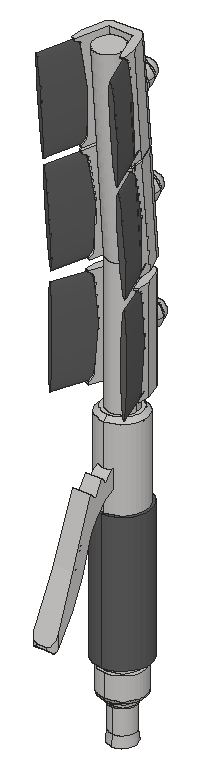
Revit family "PRD_FrankeWS_SnkMnlWtrSpplSts_SIRIUSHandBrush_ZSIRW003", category Specialty Equipment, Revit 2018
Family settings
  Round Connector Dimension = Use Diameter
  Part Type = Normal
  OmniClass Number = 23.45.55.11
  OmniClass Title = Sanitary Components
  Work Plane-Based = Yes
  Always vertical = No
  Cut with Voids When Loaded = No
  Shared = Yes
  Room Calculation Point = No
Parameters (values of type "ZSIRW003")
  WarrantyStartDate [instance] = "1900-12-31T23:59:59"
  WarrantyGuarantorParts = "n/a"
  WarrantyGuarantorLabor = "n/a"
  WarrantyDurationUnit = "year"
  WarrantyDurationParts = "n/a"
  WarrantyDurationLabor = "n/a"
  WarrantyDescription = "n/a"
  Version = "1"
  Uniclass2015Version = "Products v1.23"
  Uniclass2015Title = "Sink manual water supply sets"
  Uniclass2015Code = "Pr_40_20_87_82"
  URL = "www.kwc.com"
  TagNumber [instance] = "n/a"
  SustainabilityPerformance = "n/a"
  Status = "New"
  Size = "n/a"
  Shape = "n/a"
  SerialNumber [instance] = "n/a"
  Revision = "n/a"
  ReplacementCost = "n/a"
  Reference = "n/a"
  QuantityUom = "Piece"
  Quantity = "1"
  ProductInformation = "https://pim.kwc.com/product/2000101473/attachment/datasheet?locale=en"
  NominalWidth = 0 mm
  NominalLength = 0 mm
  NominalHeight = 0 mm
  NominalDepth = 0 mm
  NetWeight = 0.88 kg
  Name = "SIRIUS Hand brush ZSIRW003"
  NBSTypeID = "n/a"
  NBSReference = "45-35-70/345"
  NBSOfficeMasterTag = "n/a"
  NBSNote = "n/a"
  NBSDescription = "Water supply fittings for sinks"
  NBSCertification = "n/a"
  ModelReference = "ZSIRW003"
  ModelNumber = "2000101473"
  Model = ModelReference  # "ZSIRW003"
  Material = "n/a"
  ManufacturerURL = "www.kwc.com"
  ManufacturerName = "KWC Group AG"  # constant formula
  Manufacturer = ManufacturerName  # "KWC Group AG"
  IntegralAccessories = "n/a"
  InstallationDate [instance] = "1900-12-31T23:59:59"
  IfcExportType = "USERDEFINED"
  IfcExportAs = "IfcSanitaryTerminalType"
  GrossWeight = 1.00 kg
  Grade = "n/a"
  Finish = "n/a"
  Features = "length 1400 mm"
  ExpectedLife = "n/a"
  DurationUnit = "year"
  Description = "Handbrush with lever valve, spray tube with 3 separately mounted brush elements, with connection hose DN 8, G 1/2, length 1400 mm and twist protection."
  Default Elevation = 1219.2 mm
  CreatedOn = "05/2022"  # constant formula
  Constituents = "n/a"
  Color = "n/a"
  CodePerformance = "n/a"
  Category = "Pr_40_20_87_82, Sink manual water supply sets"
  BarCode [instance] = "n/a"
  BIMObjectName = "PRD_AR_SinkManualWaterSupplySets_SIRIUSHandBrush_ZSIRW003"
  Author = "Archispace"  # constant formula
  AssetType = "Fixed"
  AssetIdentifier [instance] = "n/a"
  AccessibilityPerformance = "n/a"
Reference planes
  plane 1 "Center (Front/Back)": y = 0
  plane 2: z = 0
  plane 3 "Center (Left/Right)": x = 0
Forms (mm)
  Revolve 1, solid, material "PRD_AR_StainlessSteel_Brushed", detail levels fine
    sketch origin (0, 0, 0) x (0, 1, 0) y (0, 0, 1)
      loop
        line (0, 0) -> (7.754, 0) -> (7.196, 6.374) -> (7.196, 21.001)
        arc (7.196, 21.001) -> (7.869, 21.215) -> (8.234, 21.82) r 1
        line (8.234, 21.82) -> (8.549, 23.541)
        arc (8.549, 23.541) -> (9.536, 25.268) -> (11.386, 25.998) r 3
        arc (11.386, 25.998) -> (12.41, 26.456) -> (12.83, 27.497) r 1.5
        line (12.83, 27.497) -> (12.83, 41) -> (10.477, 41) -> (10.477, 45) -> (0, 45) -> (0, 0)
      loop
        line (0, 176.5) -> (0, 126) -> (13.495, 126) -> (13.495, 174.005) -> (11, 176.5) -> (0, 176.5)
      axis (0, 176.5) -> (0, 0)
    angle from 0 to 360
  Sweep 2, solid, material "PRD_AR_StainlessSteel_Brushed", detail levels fine
    path origin (0, 0, 0) x (0, 1, 0) y (0, 0, 1)
      loop
        line (0, 176.5) -> (0, 256.5) -> (-10.023, 371.062)
    profile origin (0, 0, 216.5) x (0, -1, 0) y (1, 0, 0)
      loop
        circle (0, 0) r 8.5
  Extrusion 3, solid, material "PRD_AR_StainlessSteel_Brushed", detail levels fine
    sketch origin (0, 0, 0) x (0, 1, 0) y (0, 0, 1)
      loop
        line (-7.563, 140.21) -> (-7.563, 152.359)
        arc (-7.563, 152.359) -> (-13.551, 149.451) -> (-18, 144.5) r 17.322
        line (-18, 144.5) -> (-21, 148.5) -> (-25.998, 140.498) -> (-30, 144.5)
        arc (-30, 144.5) -> (-43.087, 108.738) -> (-59.948, 74.593) r 353.199
        line (-59.948, 74.593) -> (-57.784, 73.029)
        arc (-57.784, 73.029) -> (-41.688, 94.886) -> (-31.247, 119.943) r 113.412
        arc (-31.247, 119.943) -> (-22.474, 133.663) -> (-7.563, 140.21) r 28.094
    from -10.431 to 8.809
  Extrusion 4, void
    sketch origin (0, 0, 0) x (1, 0, 0) y (0, 1, 0)
      loop
        line (-6.766, -55.405) -> (-3.697, 0) -> (-12.83, 0) -> (-12.83, -63.199) -> (12.17, -63.199) -> (12.17, 0) -> (3.697, 0) -> (6.766, -55.405)
        arc (6.766, -55.405) -> (5.76, -58.153) -> (3.072, -59.31) r 3.7
        line (3.072, -59.31) -> (-3.072, -59.31)
        arc (-3.072, -59.31) -> (-5.76, -58.153) -> (-6.766, -55.405) r 3.7
    from 68.602 to 161.181
  Revolve 5, void
    sketch origin (0, 0, 0) x (0, 1, 0) y (0, 0, 1)
      loop
        line (0, 131) -> (13.495, 131) -> (13.495, 156) -> (0, 156) -> (0, 131)
      axis (0, 156) -> (0, 131)
    angle from 0 to 360
  Sweep 6, solid, material "PRD_AR_StainlessSteel_Brushed", detail levels fine
    path origin (0, 0, 0) x (0, 1, 0) y (0, 0, 1)
      loop
        line (14, 216.5) -> (20.5, 216.5)
    profile origin (0, 17.25, 216.5) x (0, 0, 1) y (1, 0, 0)
      loop
        circle (0, 0) r 7.5
  Sweep 7, solid, material "PRD_AR_StainlessSteel_Brushed", detail levels fine
    path origin (0, -2.911, 66.663) x (0, 1, 0) y (0, 0, 1)
      loop
        line (14.592, 216.947) -> (21.067, 217.514)
    profile origin (0, 14.919, 283.894) x (0, -0.087156, 0.996195) y (1, 0, 0)
      loop
        circle (0, 0) r 7.5
  Sweep 8, solid, material "PRD_AR_StainlessSteel_Brushed", detail levels fine
    path origin (0, -7.318, 128.514) x (0, 1, 0) y (0, 0, 1)
      loop
        line (14.592, 216.947) -> (21.067, 217.514)
    profile origin (0, 10.512, 345.745) x (0, -0.087156, 0.996195) y (1, 0, 0)
      loop
        circle (0, 0) r 7.5
  Revolve 9, solid, material "PRD_AR_StainlessSteel_Brushed", detail levels fine
    sketch origin (0, 0, 0) x (0, 1, 0) y (0, 0, 1)
      loop
        line (20.5, 216.5) -> (20.5, 210.25) -> (22.75, 210.25)
        arc (22.75, 210.25) -> (27.169, 212.081) -> (29, 216.5) r 6.25
        line (29, 216.5) -> (20.5, 216.5)
      axis (20.5, 216.5) -> (29, 216.5)
    angle from 0 to 360
  Revolve 10, solid, material "PRD_AR_StainlessSteel_Brushed", detail levels fine
    sketch origin (0, -2.997, 67.648) x (0, 1, 0) y (0, 0, 1)
      loop
        line (21.153, 216.54) -> (21.697, 210.313) -> (23.939, 210.509)
        arc (23.939, 210.509) -> (28.182, 212.718) -> (29.62, 217.28) r 6.25
        line (29.62, 217.28) -> (21.153, 216.54)
      axis (21.153, 216.54) -> (29.62, 217.28)
    angle from 0 to 360
  Revolve 11, solid, material "PRD_AR_StainlessSteel_Brushed", detail levels fine
    sketch origin (0, -7.404, 129.499) x (0, 1, 0) y (0, 0, 1)
      loop
        line (21.153, 216.54) -> (21.697, 210.313) -> (23.939, 210.509)
        arc (23.939, 210.509) -> (28.182, 212.718) -> (29.62, 217.28) r 6.25
        line (29.62, 217.28) -> (21.153, 216.54)
      axis (21.153, 216.54) -> (29.62, 217.28)
    angle from 0 to 360
  Extrusion 12, solid, material "PRD_AR_StainlessSteel_Brushed", detail levels fine
    sketch origin (50, -15.582, 0) x (1, 0, 0) y (0, 1, 0)
      loop
        line (-63.241, 7.433) -> (-56.999, 24.582) -> (-43.001, 24.582) -> (-36.759, 7.433) -> (-34.41, 8.288) -> (-34.41, 15.598) -> (-38.182, 25.963)
        arc (-38.182, 25.963) -> (-40.196, 28.587) -> (-43.351, 29.582) r 5.5
        line (-43.351, 29.582) -> (-56.649, 29.582)
        arc (-56.649, 29.582) -> (-59.804, 28.587) -> (-61.818, 25.963) r 5.5
        line (-61.818, 25.963) -> (-65.59, 15.598) -> (-65.59, 8.288) -> (-63.241, 7.433)
    from 186.5 to 246.5
  Extrusion 13, void
    sketch origin (0, 0, 0) x (0, 1, 0) y (0, 0, 1)
      loop
        arc (-5.3, 242.455) -> (-7.366, 245.393) -> (-10.954, 245.588) r 4.113
        line (-10.954, 245.588) -> (-10.954, 186.932)
        arc (-10.954, 186.932) -> (-7.109, 188.518) -> (-5.13, 192.176) r 6.204
        arc (-5.13, 192.176) -> (-3.231, 217.322) -> (-5.3, 242.455) r 160.262
    from -21.428 to 21.859
  Extrusion 14, solid, material "PRD_AR_StainlessSteel_Brushed", detail levels fine
    sketch origin (50, 1.009, 65.774) x (1, 0, 0) y (0, 0.996195, 0.087156)
      loop
        line (-63.241, 7.433) -> (-56.999, 24.582) -> (-43.001, 24.582) -> (-36.759, 7.433) -> (-34.41, 8.288) -> (-34.41, 15.598) -> (-38.182, 25.963)
        arc (-38.182, 25.963) -> (-40.196, 28.587) -> (-43.351, 29.582) r 5.5
        line (-43.351, 29.582) -> (-56.649, 29.582)
        arc (-56.649, 29.582) -> (-59.804, 28.587) -> (-61.818, 25.963) r 5.5
        line (-61.818, 25.963) -> (-65.59, 15.598) -> (-65.59, 8.288) -> (-63.241, 7.433)
    from 186.5 to 246.5
  Extrusion 15, void
    sketch origin (0, 16.543, 66.467) x (0, 0.996195, 0.087156) y (0, -0.087156, 0.996195)
      loop
        arc (-5.3, 242.455) -> (-7.366, 245.393) -> (-10.954, 245.588) r 4.113
        line (-10.954, 245.588) -> (-10.954, 186.932)
        arc (-10.954, 186.932) -> (-7.109, 188.518) -> (-5.13, 192.176) r 6.204
        arc (-5.13, 192.176) -> (-3.231, 217.322) -> (-5.3, 242.455) r 160.262
    from -21.428 to 21.859
  Extrusion 16, solid, material "PRD_AR_StainlessSteel_Brushed", detail levels fine
    sketch origin (50, -4.294, 127.03) x (1, 0, 0) y (0, 0.996195, 0.087156)
      loop
        line (-63.241, 7.433) -> (-56.999, 24.582) -> (-43.001, 24.582) -> (-36.759, 7.433) -> (-34.41, 8.288) -> (-34.41, 15.598) -> (-38.182, 25.963)
        arc (-38.182, 25.963) -> (-40.196, 28.587) -> (-43.351, 29.582) r 5.5
        line (-43.351, 29.582) -> (-56.649, 29.582)
        arc (-56.649, 29.582) -> (-59.804, 28.587) -> (-61.818, 25.963) r 5.5
        line (-61.818, 25.963) -> (-65.59, 15.598) -> (-65.59, 8.288) -> (-63.241, 7.433)
    from 186.5 to 246.5
  Extrusion 17, void
    sketch origin (0, 11.247, 128.335) x (0, 0.996195, 0.087156) y (0, -0.087156, 0.996195)
      loop
        arc (-5.3, 242.455) -> (-7.366, 245.393) -> (-10.954, 245.588) r 4.113
        line (-10.954, 245.588) -> (-10.954, 186.932)
        arc (-10.954, 186.932) -> (-7.109, 188.518) -> (-5.13, 192.176) r 6.204
        arc (-5.13, 192.176) -> (-3.231, 217.322) -> (-5.3, 242.455) r 160.262
    from -21.428 to 21.859
  Sweep 18, solid, material "PRD_AR_StainlessSteel_Brushed", detail levels fine
    path origin (0, 20.262, -14.708) x (0, 0.996195, 0.087156) y (0, -0.087156, 0.996195)
      loop
        line (18.452, 359.942) -> (17.452, 359.942)
    profile origin (0, 6.775, 345.429) x (0, 0.087156, -0.996195) y (1, 0, 0)
      loop
        line (-9.5, 0) -> (-9.5, -25)
        arc (-9.5, -25) -> (0, -34.5) -> (9.5, -25) r 9.5
        line (9.5, -25) -> (9.5, 0)
        arc (9.5, 0) -> (0, 9.5) -> (-9.5, 0) r 9.5
      loop
        circle (0, -25) r 5
  Sweep 19, solid, material "PRD_AR_SyntheticBlack", detail levels fine
    path origin (55.168, -26.108, -0.822) x (0.34202, 0.939693, 0) y (0, 0, 1)
      loop
        line (3.712, 217.322) -> (-26.288, 217.322)
    profile origin (51.307, -36.714, 216.5) x (0, 0, -1) y (0.939693, -0.34202, 0)
      loop
        spline (29, -72.255) -> (28.012, -71.866) -> (25.115, -71.505) -> (20.506, -71.194) -> (14.5, -70.956) -> (7.506, -70.806) -> (0, -70.755) -> (-7.506, -70.806) -> (-14.5, -70.956) -> (-20.506, -71.194) -> (-25.115, -71.505) -> (-28.012, -71.866) -> (-29, -72.255)
        spline (-29, -72.255) -> (-28.012, -72.643) -> (-25.115, -73.005) -> (-20.506, -73.315) -> (-14.5, -73.554) -> (-7.506, -73.704) -> (0, -73.755) -> (7.506, -73.704) -> (14.5, -73.554) -> (20.506, -73.315) -> (25.115, -73.005) -> (28.012, -72.643) -> (29, -72.255)
  Sweep 20, solid, material "PRD_AR_SyntheticBlack", detail levels fine
    path origin (55.168, -9.082, 63.653) x (0.34202, 0.936117, 0.0819) y (0, -0.087156, 0.996195)
      loop
        line (3.712, 217.322) -> (-26.288, 217.322)
    profile origin (51.307, -38.59, 279.223) x (0, 0.087156, -0.996195) y (0.939693, -0.340719, -0.029809)
      loop
        spline (29, -72.255) -> (28.012, -71.866) -> (25.115, -71.505) -> (20.506, -71.194) -> (14.5, -70.956) -> (7.506, -70.806) -> (0, -70.755) -> (-7.506, -70.806) -> (-14.5, -70.956) -> (-20.506, -71.194) -> (-25.115, -71.505) -> (-28.012, -71.866) -> (-29, -72.255)
        spline (-29, -72.255) -> (-28.012, -72.643) -> (-25.115, -73.005) -> (-20.506, -73.315) -> (-14.5, -73.554) -> (-7.506, -73.704) -> (0, -73.755) -> (7.506, -73.704) -> (14.5, -73.554) -> (20.506, -73.315) -> (25.115, -73.005) -> (28.012, -72.643) -> (29, -72.255)
  Sweep 21, solid, material "PRD_AR_SyntheticBlack", detail levels fine
    path origin (55.168, -14.734, 125.415) x (0.34202, 0.936117, 0.0819) y (0, -0.087156, 0.996195)
      loop
        line (3.712, 217.322) -> (-26.288, 217.322)
    profile origin (51.307, -44.241, 340.986) x (0, 0.087156, -0.996195) y (0.939693, -0.340719, -0.029809)
      loop
        spline (29, -72.255) -> (28.012, -71.866) -> (25.115, -71.505) -> (20.506, -71.194) -> (14.5, -70.956) -> (7.506, -70.806) -> (0, -70.755) -> (-7.506, -70.806) -> (-14.5, -70.956) -> (-20.506, -71.194) -> (-25.115, -71.505) -> (-28.012, -71.866) -> (-29, -72.255)
        spline (-29, -72.255) -> (-28.012, -72.643) -> (-25.115, -73.005) -> (-20.506, -73.315) -> (-14.5, -73.554) -> (-7.506, -73.704) -> (0, -73.755) -> (7.506, -73.704) -> (14.5, -73.554) -> (20.506, -73.315) -> (25.115, -73.005) -> (28.012, -72.643) -> (29, -72.255)
  Sweep 22, solid, material "PRD_AR_SyntheticBlack", detail levels fine
    path origin (-55.168, -26.108, -0.822) x (-0.34202, 0.939693, 0) y (0, 0, -1)
      loop
        line (3.712, -217.322) -> (-26.288, -217.322)
    profile origin (-51.307, -36.714, 216.5) x (0, 0, 1) y (-0.939693, -0.34202, 0)
      loop
        spline (-29, -72.255) -> (-28.012, -72.643) -> (-25.115, -73.005) -> (-20.506, -73.315) -> (-14.5, -73.554) -> (-7.506, -73.704) -> (0, -73.755) -> (7.506, -73.704) -> (14.5, -73.554) -> (20.506, -73.315) -> (25.115, -73.005) -> (28.012, -72.643) -> (29, -72.255)
        spline (29, -72.255) -> (28.012, -71.866) -> (25.115, -71.505) -> (20.506, -71.194) -> (14.5, -70.956) -> (7.506, -70.806) -> (0, -70.755) -> (-7.506, -70.806) -> (-14.5, -70.956) -> (-20.506, -71.194) -> (-25.115, -71.505) -> (-28.012, -71.866) -> (-29, -72.255)
  Sweep 23, solid, material "PRD_AR_SyntheticBlack", detail levels fine
    path origin (-55.168, -9.082, 63.653) x (-0.34202, 0.936117, 0.0819) y (0, 0.087156, -0.996195)
      loop
        line (3.712, -217.322) -> (-26.288, -217.322)
    profile origin (-51.307, -38.59, 279.223) x (0, -0.087156, 0.996195) y (-0.939693, -0.340719, -0.029809)
      loop
        spline (-29, -72.255) -> (-28.012, -72.643) -> (-25.115, -73.005) -> (-20.506, -73.315) -> (-14.5, -73.554) -> (-7.506, -73.704) -> (0, -73.755) -> (7.506, -73.704) -> (14.5, -73.554) -> (20.506, -73.315) -> (25.115, -73.005) -> (28.012, -72.643) -> (29, -72.255)
        spline (29, -72.255) -> (28.012, -71.866) -> (25.115, -71.505) -> (20.506, -71.194) -> (14.5, -70.956) -> (7.506, -70.806) -> (0, -70.755) -> (-7.506, -70.806) -> (-14.5, -70.956) -> (-20.506, -71.194) -> (-25.115, -71.505) -> (-28.012, -71.866) -> (-29, -72.255)
  Sweep 24, solid, material "PRD_AR_SyntheticBlack", detail levels fine
    path origin (-55.168, -14.734, 125.415) x (-0.34202, 0.936117, 0.0819) y (0, 0.087156, -0.996195)
      loop
        line (3.712, -217.322) -> (-26.288, -217.322)
    profile origin (-51.307, -44.241, 340.986) x (0, -0.087156, 0.996195) y (-0.939693, -0.340719, -0.029809)
      loop
        spline (-29, -72.255) -> (-28.012, -72.643) -> (-25.115, -73.005) -> (-20.506, -73.315) -> (-14.5, -73.554) -> (-7.506, -73.704) -> (0, -73.755) -> (7.506, -73.704) -> (14.5, -73.554) -> (20.506, -73.315) -> (25.115, -73.005) -> (28.012, -72.643) -> (29, -72.255)
        spline (29, -72.255) -> (28.012, -71.866) -> (25.115, -71.505) -> (20.506, -71.194) -> (14.5, -70.956) -> (7.506, -70.806) -> (0, -70.755) -> (-7.506, -70.806) -> (-14.5, -70.956) -> (-20.506, -71.194) -> (-25.115, -71.505) -> (-28.012, -71.866) -> (-29, -72.255)
  Revolve 25, solid, material "PRD_AR_SyntheticBlack", detail levels fine
    sketch origin (0, 0, 0) x (0, 1, 0) y (0, 0, 1)
      loop
        line (0, 45) -> (15.5, 45)
        arc (15.5, 45) -> (17.5, 85.5) -> (15.5, 126) r 411.062
        line (15.5, 126) -> (0, 126) -> (0, 45)
      axis (0, 126) -> (0, 45)
    angle from 0 to 360
  Extrusion 26, solid, material "PRD_AR_StainlessSteel_Brushed", detail levels fine
    sketch origin (0, 0.312, 0) x (0, 1, 0) y (0, 0, 1)
      loop
        line (10, 139.078) -> (14.375, 139.078)
        arc (14.375, 139.078) -> (15.171, 144.546) -> (14.375, 150.015) r 19.191
        line (14.375, 150.015) -> (10, 150.015) -> (10, 139.078)
    from -2 to 2
Cuts and joins
  Extrusion 4, Revolve 5 cuts Extrusion 3
  Extrusion 13, Extrusion 15 cuts Extrusion 12
  Extrusion 15, Extrusion 17 cuts Extrusion 14
  Extrusion 17 cuts Extrusion 16
  Revolve 5 cuts Extrusion 26
Dimensions and locks
  aligned and locked: level to plane 2
